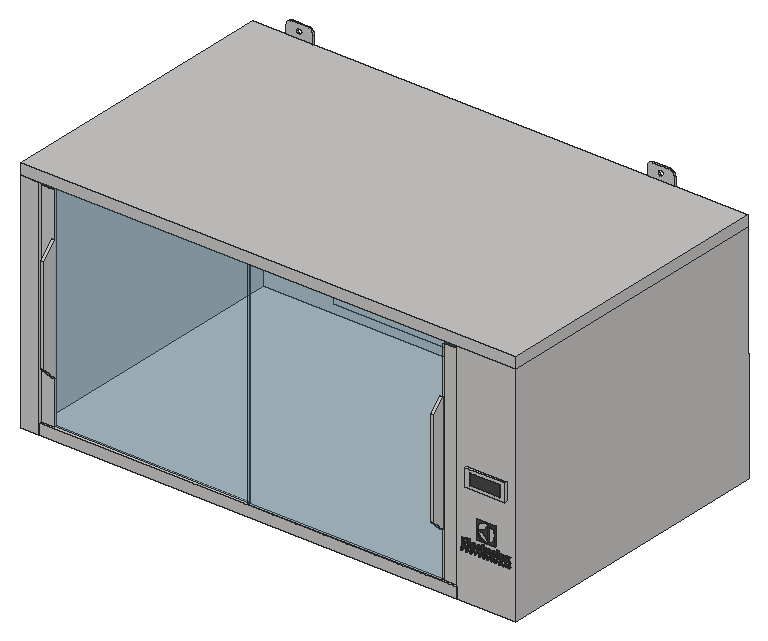
Revit family "QF_ELECTROLUXPROFESSIONAL_240425_SAFEBOXSEU", category Specialty Equipment, Revit 2018
Family settings
  Round Connector Dimension = Use Diameter
  Part Type = Normal
  Work Plane-Based = No
  Always vertical = Yes
  Cut with Voids When Loaded = No
  Shared = No
  Room Calculation Point = No
Parameters
  Weight = 36.00 kg
  Watts = 0 W
  Volts = 0 V
  URL Manufacturer = ""
  URL = ""
  Steam Supply Size = 0 mm
  Steam Supply Minimum Pressure = 0.0 Pa
  Steam Supply Maximum Pressure = 0.0 Pa
  Steam Pounds per Hour = 0
  Refrigeration Suction Line Size = 0 mm
  Refrigeration Liquid Line Size = 0 mm
  Refrigerant Compressor Remote = yes
  Manufacturer = ""
  Phase = 0
  Model = ""
  Length Actual = 920.0 mm  # constant formula
  Item Number = ""
  Hot Water Size = 0 mm
  Height Actual = 450.0 mm  # constant formula
  HP = "0.8 HP"
  Gas Size = 0 mm
  Gas KW = 0
  Gas Input Pressure = 0 W
  Direct Waste Size = 0 mm
  Description = ""
  Depth Actual = 590.0 mm  # constant formula
  Cycle = 0 Hz
  Condensate Return Size = 0 mm
  Compressed Air Volume = 0.0 L/s
  Compressed Air Size = 0 mm
  Compressed Air Pressure = 0.0 Pa
  Cold Water Size = 0 mm
  Accessory = yes
Types (2, lengths in mm): name | Volts | URL Manufacturer | URL | Manufacturer | Phase | Model | Item Number | Description | Cycle
  (no name) | 0 V | "" | "" | "" | 0 | "" | "" | "" | 0 Hz
  Standard | 220 V | "http://professional.electrolux.com" | "http://professional.electrolux.com" | "Electrolux Professional" | 1 | "SAFEBOXSEU" | "240425" | "SAFEBOX HOLD WARMING CONTAINER FOR FOOD PICK UP, TAKE AWAY AND DELIVERY" | 50 Hz
Reference planes
  plane 1 "Center (Front/Back)": y = 0
  plane 2: z = 0
  plane 3 "Center (Left/Right)": x = 0
  plane 4 "LEFT": x = -460
  plane 5 "RIGHT": x = 460
  plane 6 "BACK": y = 270
  plane 7 "FRONT": y = -270
  plane 8 "Base": z = 11
  plane 9 "TOP": z = 451
  plane 10: x = -430
  plane 11: y = 250
  plane 12: y = -220
  plane 13: x = 360
Forms (mm)
  Extrusion 1, solid, material "QF_Finishes_Stainless Steel"
    sketch origin (0, 0, 11) x (0, 1, 0) y (-1, 0, 0)
      loop
        line (270, 460) -> (-270, 460) -> (-270, 425) -> (250, 425) -> (250, -350) -> (-270, -350) -> (-270, -460) -> (270, -460) -> (270, 460)
    from 0 to 420
  Extrusion 2, solid, material "QF_Finishes_Stainless Steel"
    sketch origin (0, 0, 451) x (0, 1, 0) y (-1, 0, 0)
      loop
        line (270, 460) -> (-270, 460) -> (-270, -460) -> (270, -460) -> (270, 460)
    from 0 to -20
  Extrusion 3, void
    sketch origin (0, -270, 0) x (-1, 0, 0) y (0, 0, 1)
      loop
        line (140.985, 386.837) -> (-115, 386.837) -> (-115, 166) -> (140.985, 166) -> (140.985, 386.837)
    from 520 to 540
  Extrusion 4, solid, material "QF_Finishes_Stainless Steel"
    sketch origin (460, 0, 0) x (0, 1, 0) y (0, 0, 1)
      loop
        line (250, 386.837) -> (250, 166) -> (320, 166) -> (320, 386.837) -> (250, 386.837)
    from -600.985 to -345
  Extrusion 5, solid, material "QF_Finishes_Stainless Steel"
    sketch origin (0, 270, 0) x (-1, 0, 0) y (0, 0, 1)
      loop
        line (260.985, 386.837) -> (-235, 386.837) -> (-235, 76) -> (260.985, 76) -> (260.985, 386.837)
    from 0 to -60
  Extrusion 6, solid, material "Glass"
    sketch origin (0, -270, 0) x (-1, 0, 0) y (0, 0, 1)
      loop
        line (425, 431) -> (37.5, 431) -> (37.5, 31) -> (400, 31) -> (400, 426) -> (425, 426) -> (425, 431)
    from 4 to 8
  Extrusion 7, solid, material "Glass"
    sketch origin (385, -270, 0) x (-1, 0, 0) y (0, 0, 1)
      loop
        line (422.5, 431) -> (35, 431) -> (35, 426) -> (60, 426) -> (60, 31) -> (422.5, 31) -> (422.5, 431)
    from 0 to 4
  Extrusion 8, solid, material "QF_Finishes_Stainless Steel"
    sketch origin (0, 0, 0) x (0, 1, 0) y (0, 0, 1)
      loop
        line (-266, 112) -> (-266, 342.426) -> (-291.213, 317.213) -> (-291.213, 137.213) -> (-266, 112)
    from -400 to -405
  Extrusion 9, solid, material "QF_Finishes_Stainless Steel"
    sketch origin (0, -270, 0) x (-1, 0, 0) y (0, 0, 1)
      loop
        line (-350, 426) -> (-350, 31) -> (-325, 31) -> (-325, 426) -> (-350, 426)
      loop
        line (400, 426) -> (400, 31) -> (425, 31) -> (425, 426) -> (400, 426)
    from 4 to 8
  Extrusion 10, solid, material "QF_Finishes_Stainless Steel"
    sketch origin (0, 0, 451) x (0, 1, 0) y (-1, 0, 0)
      loop
        line (270, 425) -> (-270, 425) -> (-270, -350) -> (270, -350) -> (270, 425)
    from -420 to -440
  Extrusion 11, solid, material "QF_Finishes_Stainless Steel"
    sketch origin (0, 0, 0) x (0, 1, 0) y (0, 0, 1)
      loop
        line (-270, 116) -> (-270, 338.426) -> (-291.213, 317.213) -> (-291.213, 137.213) -> (-270, 116)
    from 325 to 320
  Extrusion 12, solid, material "QF_Finishes_Stainless Steel"
    sketch origin (0, -270, 0) x (-1, 0, 0) y (0, 0, 1)
      loop
        line (-368.864, 238.032) -> (-443.864, 238.032) -> (-443.864, 206) -> (-368.864, 206) -> (-368.864, 238.032)
      loop
        line (-378.864, 233.032) -> (-433.864, 233.032) -> (-433.864, 211) -> (-378.864, 211) -> (-378.864, 233.032)
    from 0 to -5
  Extrusion 13, solid, material "QF_Finishes_Black"
    sketch origin (0, -270, 0) x (-1, 0, 0) y (0, 0, 1)
      loop
        line (-378.864, 233.032) -> (-433.864, 233.032) -> (-433.864, 211) -> (-378.864, 211) -> (-378.864, 233.032)
    from 0 to -5
  Extrusion 14, solid, material "QF_Finishes_Stainless Steel"
    sketch origin (0, 270, 0) x (-1, 0, 0) y (0, 0, 1)
      loop
        circle (-420, 40) r 10
    from 0 to 2
  Extrusion 15, solid, material "QF_Finishes_Rubber Black"
    sketch origin (0, 0, 0) x (1, 0, 0) y (0, 1, 0)
      loop
        circle (-430, 250) r 15
      loop
        circle (360, 250) r 15
      loop
        circle (-430, -220) r 15
      loop
        circle (360, -220) r 15
    from 0 to 7
  Extrusion 16, solid, material "QF_Finishes_Stainless Steel"
    sketch origin (0, 0, 0) x (1, 0, 0) y (0, 1, 0)
      loop
        circle (-430, 250) r 12.5
      loop
        circle (360, 250) r 12.5
      loop
        circle (-430, -220) r 12.5
      loop
        circle (360, -220) r 12.5
    from 11 to 7
  Extrusion 17, solid, material "QF_Finishes_Black"
    sketch origin (0, -270, 0) x (-1, 0, 0) y (0, 0, 1)
      loop
        line (-365.303, 106.172) -> (-369.867, 106.172) -> (-369.867, 103.843) -> (-365.283, 103.843) -> (-364.31, 103.912)
        spline (-364.31, 103.912) -> (-363.72, 104.027) -> (-363.188, 104.196) -> (-362.713, 104.417) -> (-362.293, 104.688) -> (-361.928, 105.008) -> (-361.615, 105.374) -> (-361.354, 105.784) -> (-361.143, 106.237) -> (-360.981, 106.73) -> (-360.867, 107.261) -> (-360.8, 107.829) -> (-360.778, 108.432)
        line (-360.778, 108.432) -> (-360.778, 118.232) -> (-369.694, 118.232) -> (-369.694, 115.901) -> (-363.255, 115.901) -> (-363.255, 112.497) -> (-369.309, 112.497) -> (-369.309, 110.16) -> (-363.256, 110.16) -> (-363.256, 108.326)
        spline (-363.256, 108.326) -> (-363.281, 107.913) -> (-363.353, 107.553) -> (-363.465, 107.245) -> (-363.612, 106.983) -> (-363.787, 106.765) -> (-363.984, 106.587) -> (-364.198, 106.446) -> (-364.423, 106.338) -> (-364.651, 106.26) -> (-364.878, 106.209) -> (-365.097, 106.18) -> (-365.303, 106.172)
      loop
        line (-371.627, 111.433) -> (-371.627, 118.236) -> (-374.105, 118.236) -> (-374.105, 103.839) -> (-371.627, 103.839) -> (-371.627, 111.433)
      loop
        line (-386.378, 109.309) -> (-386.336, 108.438) -> (-378.204, 108.438)
        spline (-378.204, 108.438) -> (-378.248, 108.035) -> (-378.338, 107.658) -> (-378.472, 107.309) -> (-378.648, 106.99) -> (-378.864, 106.701) -> (-379.119, 106.446) -> (-379.411, 106.225) -> (-379.737, 106.04) -> (-380.097, 105.893) -> (-380.488, 105.786) -> (-380.909, 105.721) -> (-381.357, 105.699)
        spline (-381.357, 105.699) -> (-381.663, 105.707) -> (-381.951, 105.733) -> (-382.221, 105.776) -> (-382.476, 105.836) -> (-382.717, 105.912) -> (-382.947, 106.005) -> (-383.167, 106.114) -> (-383.378, 106.24) -> (-383.583, 106.382) -> (-383.784, 106.539) -> (-383.982, 106.713) -> (-384.179, 106.902)
        line (-384.179, 106.902) -> (-385.672, 105.45)
        spline (-385.672, 105.45) -> (-385.333, 105.112) -> (-384.988, 104.814) -> (-384.638, 104.554) -> (-384.283, 104.329) -> (-383.923, 104.138) -> (-383.559, 103.979) -> (-383.19, 103.85) -> (-382.816, 103.748) -> (-382.437, 103.673) -> (-382.054, 103.621) -> (-381.666, 103.592) -> (-381.274, 103.583)
        spline (-381.274, 103.583) -> (-380.471, 103.626) -> (-379.714, 103.756) -> (-379.009, 103.967) -> (-378.359, 104.258) -> (-377.77, 104.624) -> (-377.245, 105.062) -> (-376.789, 105.568) -> (-376.406, 106.141) -> (-376.1, 106.775) -> (-375.877, 107.468) -> (-375.739, 108.217) -> (-375.693, 109.018)
        spline (-375.693, 109.018) -> (-375.741, 109.838) -> (-375.882, 110.605) -> (-376.111, 111.315) -> (-376.422, 111.965) -> (-376.81, 112.55) -> (-377.268, 113.068) -> (-377.793, 113.516) -> (-378.378, 113.889) -> (-379.018, 114.186) -> (-379.707, 114.402) -> (-380.44, 114.534) -> (-381.212, 114.579)
        spline (-381.212, 114.579) -> (-381.967, 114.531) -> (-382.675, 114.391) -> (-383.332, 114.167) -> (-383.934, 113.862) -> (-384.479, 113.485) -> (-384.962, 113.041) -> (-385.38, 112.535) -> (-385.73, 111.975) -> (-386.008, 111.366) -> (-386.211, 110.715) -> (-386.336, 110.027) -> (-386.378, 109.309)
      loop
        line (-383.847, 110.18) -> (-378.266, 110.18)
        spline (-378.266, 110.18) -> (-378.316, 110.491) -> (-378.412, 110.789) -> (-378.551, 111.071) -> (-378.73, 111.334) -> (-378.945, 111.577) -> (-379.194, 111.796) -> (-379.473, 111.988) -> (-379.78, 112.152) -> (-380.11, 112.284) -> (-380.461, 112.381) -> (-380.829, 112.442) -> (-381.212, 112.462)
        spline (-381.212, 112.462) -> (-381.569, 112.441) -> (-381.911, 112.38) -> (-382.236, 112.281) -> (-382.54, 112.147) -> (-382.821, 111.982) -> (-383.074, 111.788) -> (-383.297, 111.568) -> (-383.486, 111.325) -> (-383.639, 111.062) -> (-383.752, 110.781) -> (-383.823, 110.487) -> (-383.847, 110.18)
      loop
        spline (-390.126, 109.081) -> (-390.155, 108.619) -> (-390.238, 108.182) -> (-390.372, 107.772) -> (-390.554, 107.392) -> (-390.781, 107.044) -> (-391.05, 106.734) -> (-391.356, 106.462) -> (-391.697, 106.233) -> (-392.069, 106.049) -> (-392.47, 105.914) -> (-392.895, 105.831) -> (-393.342, 105.803)
        spline (-393.342, 105.803) -> (-393.616, 105.811) -> (-393.879, 105.837) -> (-394.131, 105.879) -> (-394.372, 105.937) -> (-394.603, 106.011) -> (-394.826, 106.101) -> (-395.039, 106.206) -> (-395.245, 106.325) -> (-395.443, 106.459) -> (-395.634, 106.607) -> (-395.819, 106.769) -> (-395.998, 106.944)
        line (-395.998, 106.944) -> (-397.533, 105.346)
        spline (-397.533, 105.346) -> (-397.228, 105.04) -> (-396.913, 104.766) -> (-396.589, 104.521) -> (-396.258, 104.306) -> (-395.918, 104.12) -> (-395.57, 103.961) -> (-395.215, 103.829) -> (-394.853, 103.723) -> (-394.484, 103.642) -> (-394.109, 103.585) -> (-393.729, 103.552) -> (-393.342, 103.541)
        spline (-393.342, 103.541) -> (-392.568, 103.589) -> (-391.826, 103.729) -> (-391.124, 103.957) -> (-390.467, 104.267) -> (-389.863, 104.654) -> (-389.317, 105.113) -> (-388.838, 105.638) -> (-388.431, 106.224) -> (-388.102, 106.867) -> (-387.86, 107.561) -> (-387.709, 108.3) -> (-387.658, 109.081)
        spline (-387.658, 109.081) -> (-387.709, 109.861) -> (-387.86, 110.6) -> (-388.102, 111.294) -> (-388.431, 111.937) -> (-388.838, 112.523) -> (-389.317, 113.049) -> (-389.863, 113.507) -> (-390.467, 113.894) -> (-391.124, 114.204) -> (-391.826, 114.432) -> (-392.568, 114.572) -> (-393.342, 114.62)
        spline (-393.342, 114.62) -> (-393.729, 114.609) -> (-394.109, 114.576) -> (-394.484, 114.519) -> (-394.853, 114.438) -> (-395.215, 114.332) -> (-395.57, 114.2) -> (-395.918, 114.041) -> (-396.258, 113.855) -> (-396.589, 113.64) -> (-396.913, 113.395) -> (-397.228, 113.121) -> (-397.533, 112.815)
        line (-397.533, 112.815) -> (-395.998, 111.217)
        spline (-395.998, 111.217) -> (-395.819, 111.392) -> (-395.634, 111.554) -> (-395.443, 111.702) -> (-395.245, 111.836) -> (-395.039, 111.956) -> (-394.826, 112.06) -> (-394.603, 112.15) -> (-394.372, 112.224) -> (-394.131, 112.282) -> (-393.879, 112.324) -> (-393.616, 112.35) -> (-393.342, 112.359)
        spline (-393.342, 112.359) -> (-392.895, 112.33) -> (-392.47, 112.247) -> (-392.069, 112.112) -> (-391.697, 111.928) -> (-391.356, 111.699) -> (-391.05, 111.427) -> (-390.781, 111.117) -> (-390.554, 110.769) -> (-390.372, 110.389) -> (-390.238, 109.979) -> (-390.155, 109.542) -> (-390.126, 109.081)
      loop
        line (-403.852, 106.168) -> (-403.843, 103.839) -> (-402.797, 103.887)
        spline (-402.797, 103.887) -> (-402.209, 103.986) -> (-401.675, 104.138) -> (-401.195, 104.342) -> (-400.766, 104.596) -> (-400.389, 104.897) -> (-400.061, 105.244) -> (-399.782, 105.635) -> (-399.55, 106.068) -> (-399.365, 106.542) -> (-399.225, 107.053) -> (-399.129, 107.602) -> (-399.076, 108.185)
        line (-399.076, 108.185) -> (-399.076, 118.236) -> (-401.555, 118.236) -> (-401.555, 114.25) -> (-403.806, 114.25) -> (-403.806, 111.998) -> (-401.551, 111.998) -> (-401.551, 108.326)
        spline (-401.551, 108.326) -> (-401.603, 107.889) -> (-401.701, 107.513) -> (-401.839, 107.193) -> (-402.01, 106.924) -> (-402.209, 106.704) -> (-402.429, 106.527) -> (-402.664, 106.391) -> (-402.909, 106.29) -> (-403.156, 106.222) -> (-403.399, 106.181) -> (-403.634, 106.165) -> (-403.852, 106.168)
      loop
        line (-412.191, 114.394) -> (-412.191, 111.998) -> (-411.158, 112.101)
        spline (-411.158, 112.101) -> (-410.743, 112.079) -> (-410.355, 112.014) -> (-409.996, 111.907) -> (-409.668, 111.759) -> (-409.372, 111.573) -> (-409.111, 111.35) -> (-408.885, 111.091) -> (-408.697, 110.798) -> (-408.547, 110.472) -> (-408.438, 110.115) -> (-408.372, 109.728) -> (-408.349, 109.313)
        line (-408.349, 109.313) -> (-408.349, 103.839) -> (-405.891, 103.839) -> (-405.891, 114.249) -> (-408.349, 114.249) -> (-408.349, 112.701)
        spline (-408.349, 112.701) -> (-408.54, 112.99) -> (-408.758, 113.255) -> (-409.003, 113.497) -> (-409.272, 113.712) -> (-409.565, 113.902) -> (-409.881, 114.063) -> (-410.218, 114.196) -> (-410.576, 114.3) -> (-410.954, 114.372) -> (-411.349, 114.413) -> (-411.762, 114.421) -> (-412.191, 114.394)
      loop
        spline (-423.931, 109.044) -> (-423.879, 108.281) -> (-423.728, 107.553) -> (-423.485, 106.867) -> (-423.156, 106.229) -> (-422.748, 105.644) -> (-422.268, 105.118) -> (-421.723, 104.657) -> (-421.119, 104.266) -> (-420.463, 103.953) -> (-419.762, 103.721) -> (-419.022, 103.578) -> (-418.251, 103.529)
        spline (-418.251, 103.529) -> (-417.475, 103.578) -> (-416.733, 103.721) -> (-416.03, 103.953) -> (-415.374, 104.266) -> (-414.77, 104.657) -> (-414.225, 105.118) -> (-413.747, 105.644) -> (-413.341, 106.229) -> (-413.013, 106.867) -> (-412.772, 107.553) -> (-412.622, 108.281) -> (-412.57, 109.044)
        spline (-412.57, 109.044) -> (-412.622, 109.808) -> (-412.772, 110.536) -> (-413.013, 111.222) -> (-413.341, 111.86) -> (-413.747, 112.445) -> (-414.225, 112.971) -> (-414.77, 113.432) -> (-415.374, 113.822) -> (-416.03, 114.136) -> (-416.733, 114.367) -> (-417.475, 114.51) -> (-418.251, 114.559)
        spline (-418.251, 114.559) -> (-419.022, 114.51) -> (-419.762, 114.367) -> (-420.463, 114.136) -> (-421.119, 113.822) -> (-421.723, 113.432) -> (-422.268, 112.971) -> (-422.748, 112.445) -> (-423.156, 111.86) -> (-423.485, 111.222) -> (-423.728, 110.536) -> (-423.879, 109.808) -> (-423.931, 109.044)
      loop
        spline (-421.473, 109.044) -> (-421.444, 108.594) -> (-421.36, 108.164) -> (-421.225, 107.759) -> (-421.041, 107.381) -> (-420.813, 107.035) -> (-420.543, 106.723) -> (-420.236, 106.45) -> (-419.894, 106.218) -> (-419.521, 106.032) -> (-419.121, 105.895) -> (-418.696, 105.81) -> (-418.251, 105.78)
        spline (-418.251, 105.78) -> (-417.801, 105.81) -> (-417.374, 105.895) -> (-416.972, 106.032) -> (-416.599, 106.218) -> (-416.257, 106.45) -> (-415.951, 106.723) -> (-415.683, 107.035) -> (-415.456, 107.381) -> (-415.274, 107.759) -> (-415.14, 108.164) -> (-415.058, 108.594) -> (-415.029, 109.044)
        spline (-415.029, 109.044) -> (-415.058, 109.495) -> (-415.14, 109.924) -> (-415.274, 110.33) -> (-415.456, 110.708) -> (-415.683, 111.054) -> (-415.951, 111.366) -> (-416.257, 111.639) -> (-416.599, 111.87) -> (-416.972, 112.056) -> (-417.374, 112.194) -> (-417.801, 112.279) -> (-418.251, 112.308)
        spline (-418.251, 112.308) -> (-418.696, 112.279) -> (-419.121, 112.194) -> (-419.521, 112.056) -> (-419.894, 111.87) -> (-420.236, 111.639) -> (-420.543, 111.366) -> (-420.813, 111.054) -> (-421.041, 110.708) -> (-421.225, 110.33) -> (-421.36, 109.924) -> (-421.444, 109.495) -> (-421.473, 109.044)
      loop
        line (-425.455, 111.681) -> (-425.455, 118.236) -> (-427.935, 118.236) -> (-427.935, 103.839) -> (-425.455, 103.839) -> (-425.455, 111.681)
      loop
        line (-436.874, 114.249) -> (-439.372, 114.249) -> (-439.372, 108.032)
        spline (-439.372, 108.032) -> (-439.327, 107.311) -> (-439.198, 106.654) -> (-438.989, 106.062) -> (-438.708, 105.535) -> (-438.361, 105.071) -> (-437.952, 104.67) -> (-437.49, 104.332) -> (-436.98, 104.057) -> (-436.428, 103.843) -> (-435.84, 103.691) -> (-435.222, 103.601) -> (-434.581, 103.57)
        spline (-434.581, 103.57) -> (-433.945, 103.6) -> (-433.332, 103.69) -> (-432.749, 103.839) -> (-432.202, 104.05) -> (-431.696, 104.322) -> (-431.237, 104.655) -> (-430.833, 105.05) -> (-430.488, 105.507) -> (-430.209, 106.028) -> (-430.003, 106.611) -> (-429.874, 107.259) -> (-429.83, 107.97)
        line (-429.83, 107.97) -> (-429.83, 114.249) -> (-432.33, 114.249) -> (-432.33, 108.176)
        spline (-432.33, 108.176) -> (-432.349, 107.788) -> (-432.407, 107.437) -> (-432.502, 107.124) -> (-432.629, 106.847) -> (-432.789, 106.605) -> (-432.977, 106.398) -> (-433.193, 106.225) -> (-433.434, 106.085) -> (-433.697, 105.978) -> (-433.981, 105.902) -> (-434.283, 105.857) -> (-434.601, 105.843)
        spline (-434.601, 105.843) -> (-434.919, 105.857) -> (-435.222, 105.902) -> (-435.506, 105.978) -> (-435.769, 106.086) -> (-436.01, 106.227) -> (-436.226, 106.401) -> (-436.414, 106.609) -> (-436.574, 106.853) -> (-436.702, 107.133) -> (-436.796, 107.45) -> (-436.854, 107.804) -> (-436.874, 108.198)
        line (-436.874, 108.198) -> (-436.874, 114.249)
      loop
        line (-448.75, 107.168) -> (-451.132, 103.839) -> (-448.467, 103.839) -> (-445.823, 107.516) -> (-443.179, 103.839) -> (-440.515, 103.839) -> (-442.307, 106.335) -> (-444.46, 109.334) -> (-442.406, 112.143) -> (-440.866, 114.249) -> (-443.551, 114.249) -> (-445.823, 111.13) -> (-448.075, 114.249) -> (-450.781, 114.249) -> (-449.123, 111.991) -> (-447.187, 109.354) -> (-448.75, 107.168)
      loop
        arc (-362.172, 101.574) -> (-363.817, 99.929) -> (-362.172, 98.284) r 1.645
        line (-362.172, 98.284) -> (-361.277, 98.284) -> (-361.277, 96.598) -> (-360.254, 96.598) -> (-360.254, 101.574) -> (-362.172, 101.574)
      loop
        arc (-362.13, 100.634) -> (-362.835, 99.929) -> (-362.13, 99.225) r 0.704
        line (-362.13, 99.225) -> (-361.277, 99.225) -> (-361.277, 100.634) -> (-362.13, 100.634)
      loop
        arc (-369.98, 101.574) -> (-371.128, 101.107) -> (-371.622, 99.97) r 1.643
        arc (-371.622, 99.97) -> (-371.405, 99.145) -> (-370.78, 98.564) r 1.536
        line (-370.78, 98.564) -> (-371.975, 96.598) -> (-370.813, 96.598) -> (-369.832, 98.23) -> (-369.051, 98.312) -> (-369.051, 96.598) -> (-368.028, 96.598) -> (-368.028, 101.574) -> (-369.98, 101.574)
      loop
        line (-369.891, 99.245) -> (-369.051, 99.245) -> (-369.051, 100.634) -> (-369.959, 100.634)
        arc (-369.959, 100.634) -> (-370.586, 99.907) -> (-369.891, 99.245) r 0.696
      loop
        circle (-378.328, 99.086) r 2.585
      loop
        circle (-378.328, 99.086) r 1.64
      loop
        line (-385.193, 101.574) -> (-388.269, 101.574) -> (-388.269, 100.634) -> (-386.217, 100.634) -> (-386.217, 99.584) -> (-388.089, 99.584) -> (-388.089, 98.644) -> (-386.217, 98.644) -> (-386.217, 96.598) -> (-385.193, 96.598) -> (-385.193, 101.574)
      loop
        line (-392.491, 101.574) -> (-395.642, 101.574) -> (-395.642, 100.634) -> (-393.514, 100.634) -> (-393.514, 99.769) -> (-395.504, 99.769) -> (-395.504, 98.987) -> (-393.514, 98.987) -> (-393.514, 98.16)
        arc (-393.514, 98.16) -> (-393.741, 97.612) -> (-394.289, 97.385) r 0.775
        line (-394.289, 97.385) -> (-395.691, 97.385) -> (-395.691, 96.598) -> (-394.083, 96.598)
        arc (-394.083, 96.598) -> (-392.95, 97.072) -> (-392.491, 98.212) r 1.593
        line (-392.491, 98.212) -> (-392.491, 101.574)
      loop
        arc (-402.384, 100.269) -> (-401.963, 100.602) -> (-401.439, 100.718) r 1.197
        arc (-401.439, 100.718) -> (-400.968, 100.342) -> (-401.294, 99.834) r 0.45
        arc (-401.294, 99.834) -> (-401.859, 99.623) -> (-402.409, 99.377) r 9.883
        arc (-402.409, 99.377) -> (-402.845, 99.093) -> (-403.185, 98.7) r 1.876
        arc (-403.185, 98.7) -> (-403.343, 97.847) -> (-403.037, 97.035) r 1.618
        arc (-403.037, 97.035) -> (-402.346, 96.668) -> (-401.579, 96.515) r 2.696
        arc (-401.579, 96.515) -> (-400.959, 96.578) -> (-400.385, 96.823) r 2.063
        arc (-400.385, 96.823) -> (-399.932, 97.214) -> (-399.622, 97.725) r 1.914
        line (-399.622, 97.725) -> (-400.404, 98.216)
        arc (-400.404, 98.216) -> (-400.668, 97.808) -> (-401.089, 97.567) r 1.033
        arc (-401.089, 97.567) -> (-401.662, 97.452) -> (-402.203, 97.672) r 1.016
        arc (-402.203, 97.672) -> (-402.359, 98.025) -> (-402.162, 98.356) r 0.42
        arc (-402.162, 98.356) -> (-401.656, 98.632) -> (-401.122, 98.849) r 5.041
        arc (-401.122, 98.849) -> (-400.544, 99.153) -> (-400.1, 99.632) r 1.928
        arc (-400.1, 99.632) -> (-399.987, 100.071) -> (-399.976, 100.524) r 1.985
        arc (-399.976, 100.524) -> (-400.091, 100.911) -> (-400.349, 101.222) r 1.013
        arc (-400.349, 101.222) -> (-400.896, 101.533) -> (-401.512, 101.657) r 1.974
        arc (-401.512, 101.657) -> (-402.438, 101.438) -> (-403.12, 100.774) r 1.782
        line (-403.12, 100.774) -> (-402.384, 100.269)
      loop
        arc (-409.903, 100.269) -> (-409.482, 100.602) -> (-408.958, 100.718) r 1.197
        arc (-408.958, 100.718) -> (-408.486, 100.342) -> (-408.812, 99.834) r 0.45
        arc (-408.812, 99.834) -> (-409.377, 99.623) -> (-409.928, 99.377) r 9.883
        arc (-409.928, 99.377) -> (-410.363, 99.093) -> (-410.703, 98.7) r 1.876
        arc (-410.703, 98.7) -> (-410.861, 97.847) -> (-410.556, 97.035) r 1.618
        arc (-410.556, 97.035) -> (-409.865, 96.668) -> (-409.097, 96.515) r 2.696
        arc (-409.097, 96.515) -> (-408.477, 96.578) -> (-407.903, 96.823) r 2.063
        arc (-407.903, 96.823) -> (-407.451, 97.214) -> (-407.141, 97.725) r 1.914
        line (-407.141, 97.725) -> (-407.922, 98.216)
        arc (-407.922, 98.216) -> (-408.186, 97.808) -> (-408.607, 97.567) r 1.033
        arc (-408.607, 97.567) -> (-409.18, 97.452) -> (-409.721, 97.672) r 1.016
        arc (-409.721, 97.672) -> (-409.877, 98.025) -> (-409.68, 98.356) r 0.42
        arc (-409.68, 98.356) -> (-409.174, 98.632) -> (-408.64, 98.849) r 5.041
        arc (-408.64, 98.849) -> (-408.062, 99.153) -> (-407.619, 99.632) r 1.928
        arc (-407.619, 99.632) -> (-407.505, 100.071) -> (-407.494, 100.524) r 1.985
        arc (-407.494, 100.524) -> (-407.61, 100.911) -> (-407.868, 101.222) r 1.013
        arc (-407.868, 101.222) -> (-408.414, 101.533) -> (-409.03, 101.657) r 1.974
        arc (-409.03, 101.657) -> (-409.956, 101.438) -> (-410.638, 100.774) r 1.782
        line (-410.638, 100.774) -> (-409.903, 100.269)
      loop
        line (-415.094, 101.574) -> (-416.118, 101.574) -> (-416.118, 96.598) -> (-415.094, 96.598) -> (-415.094, 101.574)
      loop
        circle (-423.017, 99.086) r 1.548
      loop
        circle (-423.017, 99.086) r 2.585
      loop
        line (-429.882, 96.598) -> (-429.882, 101.574) -> (-430.878, 101.574) -> (-433.154, 98.351) -> (-433.154, 101.574) -> (-434.188, 101.574) -> (-434.188, 96.598) -> (-433.193, 96.598) -> (-430.916, 99.727) -> (-430.916, 96.598) -> (-429.882, 96.598)
      loop
        line (-439.347, 96.598) -> (-438.249, 96.598) -> (-440.753, 101.574) -> (-443.258, 96.598) -> (-442.158, 96.598) -> (-441.673, 97.671) -> (-439.832, 97.671) -> (-439.347, 96.598)
      loop
        line (-440.753, 99.714) -> (-441.214, 98.692) -> (-440.291, 98.692) -> (-440.753, 99.714)
      loop
        line (-448.34, 97.539) -> (-450.254, 97.539) -> (-450.254, 96.598) -> (-447.317, 96.598) -> (-447.317, 101.574) -> (-448.34, 101.574) -> (-448.34, 97.539)
      loop
        line (-388.337, 123.178) -> (-388.337, 157.751) -> (-422.957, 157.751) -> (-422.957, 123.178) -> (-388.337, 123.178)
      loop
        arc (-410.269, 156.054) -> (-421.768, 140.5) -> (-410.269, 124.946) r 16.269
        line (-410.269, 124.946) -> (-410.269, 156.054)
      loop
        arc (-408.687, 153.801) -> (-403.858, 145.134) -> (-394.664, 141.402) r 14.944
        line (-394.664, 141.402) -> (-389.517, 141.402)
        arc (-389.517, 141.402) -> (-395.75, 153.113) -> (-408.687, 156.054) r 15.943
        line (-408.687, 156.054) -> (-408.687, 153.801)
      loop
        line (-389.517, 139.598) -> (-394.664, 139.598)
        arc (-394.664, 139.598) -> (-403.858, 135.866) -> (-408.687, 127.199) r 14.944
        line (-408.687, 127.199) -> (-408.687, 124.547)
        arc (-408.687, 124.547) -> (-395.74, 127.79) -> (-389.517, 139.598) r 16.36
    from 0 to -1.6
  Extrusion 18, solid, material "QF_Finishes_Stainless Steel"
    sketch origin (0, 270, 0) x (-1, 0, 0) y (0, 0, 1)
      loop
        line (398.117, 431) -> (398.117, 466)
        arc (398.117, 466) -> (395.188, 473.071) -> (388.117, 476) r 10
        line (388.117, 476) -> (358.117, 476)
        arc (358.117, 476) -> (351.046, 473.071) -> (348.117, 466) r 10
        line (348.117, 466) -> (348.117, 431) -> (398.117, 431)
      loop
        circle (373.117, 463.03) r 5
      loop
        line (-323.117, 431) -> (-273.117, 431) -> (-273.117, 466)
        arc (-273.117, 466) -> (-276.046, 473.071) -> (-283.117, 476) r 10
        line (-283.117, 476) -> (-313.117, 476)
        arc (-313.117, 476) -> (-320.188, 473.071) -> (-323.117, 466) r 10
        line (-323.117, 466) -> (-323.117, 431)
      loop
        circle (-298.117, 463.03) r 5
    from 1.641 to 0
  Extrusion 19, solid, material "QF_Door-Drawer Clearances", detail levels coarse
    sketch origin (0, 0, 0) x (0, 1, 0) y (0, 0, 1)
      loop
        line (-266, 112) -> (-266, 342.426) -> (-291.213, 317.213) -> (-291.213, 137.213) -> (-266, 112)
    from -63 to -68
  Extrusion 20, solid, material "QF_Door-Drawer Clearances", detail levels coarse
    sketch origin (337, -270, 0) x (-1, 0, 0) y (0, 0, 1)
      loop
        line (400, 426) -> (400, 31) -> (425, 31) -> (425, 426) -> (400, 426)
    from 4 to 8
Cuts and joins
  Extrusion 3 cuts Extrusion 1
  joined: Extrusion 8, Extrusion 9, Extrusion 11
Lines and regions (mm)
  symbolic lines
    curve 1: line (-460, 270, 0) -> (460, 270, 0)
    curve 2: line (-460, -270, 0) -> (-460, 270, 0)
    curve 3: line (460, -270, 0) -> (-460, -270, 0)
    curve 4: line (460, 270, 0) -> (460, -270, 0)
    curve 5: line (115, 320, 0) -> (-140.985, 320, 0)
    curve 6: line (-140.985, 320, 0) -> (-140.985, 270, 0)
    curve 7: line (115, 270, 0) -> (115, 320, 0)
    curve 8: line (-405, -270, 0) -> (-405, -291.213, 0)
    curve 9: line (-405, -291.213, 0) -> (-400, -291.213, 0)
    curve 10: line (-400, -291.213, 0) -> (-400, -270, 0)
    curve 11: line (320, -270, 0) -> (320, -291.213, 0)
    curve 12: line (320, -291.213, 0) -> (325, -291.213, 0)
    curve 13: line (325, -291.213, 0) -> (325, -270, 0)
    curve 17: line (368.864, -275, 0) -> (368.864, -270, 0)
    curve 18: line (368.864, -275, 0) -> (443.864, -275, 0)
    curve 19: line (443.864, -275, 0) -> (443.864, -270, 0)
    curve 20: line (-398.117, 270, 0) -> (-398.117, 271.641, 0)
    curve 21: line (-398.117, 271.641, 0) -> (-348.117, 271.641, 0)
    curve 22: line (-348.117, 271.641, 0) -> (-348.117, 270, 0)
    curve 23: line (273.117, 270, 0) -> (273.117, 271.641, 0)
    curve 24: line (273.117, 271.641, 0) -> (323.117, 271.641, 0)
    curve 25: line (323.117, 271.641, 0) -> (323.117, 270, 0)
    curve 26: line (410, 272, 0) -> (430, 272, 0)
    curve 27: line (430, 272, 0) -> (430, 270, 0)
    curve 28: line (410, 272, 0) -> (410, 270, 0)
  symbolic lines, style "SpecialityEquipmentHiddenLines"
    curve 14: line (-68, -270, 0) -> (-68, -291.213, 0)
    curve 15: line (-68, -291.213, 0) -> (-63, -291.213, 0)
    curve 16: line (-63, -291.213, 0) -> (-63, -270, 0)
Dimensions and locks
  plane 4 "LEFT" to plane 5 "RIGHT" = 920.0 mm
  equal spacing: plane 4 "LEFT", plane 3 "Center (Left/Right)", plane 5 "RIGHT"
  equal spacing: plane 6 "BACK", plane 1 "Center (Front/Back)", plane 7 "FRONT"
  plane 6 "BACK" to plane 7 "FRONT" = 540.0 mm  (x2)
  plane 8 "Base" to level = 11.0 mm
  plane 9 "TOP" to level = 451.0 mm
  plane 9 "TOP" to cut or joined group of Extrusion 1, Extrusion 3 = 64.163 mm
  level to cut or joined group of Extrusion 1, Extrusion 3 = 166.0 mm
  plane 4 "LEFT" to plane 10 = 30.0 mm
  plane 13 to plane 5 "RIGHT" = 100.0 mm
  plane 6 "BACK" to plane 11 = 20.0 mm
  plane 12 to plane 7 "FRONT" = 50.0 mm
  Extrusion 4 to Extrusion 2 = 590.0 mm
  aligned and locked: level to plane 2
Automatic sketch dimensions
  Extrusion 1 sketch curve to plane 4 "LEFT" = 0.0 mm
  Extrusion 1 sketch curve to plane 7 "FRONT" = 0.0 mm  (x2)
  Extrusion 1 sketch curve to plane 5 "RIGHT" = 0.0 mm
  Extrusion 1 sketch curve to plane 11 = 0.0 mm
  Extrusion 1 sketch curve to plane 6 "BACK" = 0.0 mm
  Extrusion 1 sketch curve to plane 13 = 10.0 mm
  plane 10 to Extrusion 1 sketch curve = 5.0 mm
  Extrusion 2 sketch curve to plane 4 "LEFT" = 0.0 mm
  Extrusion 2 sketch curve to plane 7 "FRONT" = 0.0 mm
  Extrusion 2 sketch curve to plane 6 "BACK" = 0.0 mm
  Extrusion 2 sketch curve to plane 5 "RIGHT" = 0.0 mm
  plane 3 "Center (Left/Right)" to Extrusion 3 sketch curve = 115.0 mm
  Extrusion 3 sketch curve to plane 3 "Center (Left/Right)" = 140.985 mm
  plane 8 "Base" to Extrusion 3 sketch curve = 155.0 mm
  Extrusion 3 sketch curve to plane 9 "TOP" = 64.163 mm
  Extrusion 4 sketch curve to plane 11 = 0.0 mm
  plane 6 "BACK" to Extrusion 4 sketch curve = 50.0 mm
  plane 8 "Base" to Extrusion 4 sketch curve = 155.0 mm
  Extrusion 4 sketch curve to plane 9 "TOP" = 64.163 mm
  Extrusion 5 sketch curve to plane 13 = 125.0 mm
  Extrusion 5 sketch curve to plane 9 "TOP" = 64.163 mm
  plane 10 to Extrusion 5 sketch curve = 169.015 mm
  plane 8 "Base" to Extrusion 5 sketch curve = 65.0 mm
  Extrusion 6 sketch curve to plane 3 "Center (Left/Right)" = 37.5 mm
  plane 10 to Extrusion 6 sketch curve = 30.0 mm
  plane 10 to Extrusion 6 sketch curve = 5.0 mm
  plane 8 "Base" to Extrusion 6 sketch curve = 20.0 mm
  Extrusion 6 sketch curve to plane 9 "TOP" = 25.0 mm
  Extrusion 6 sketch curve to plane 9 "TOP" = 20.0 mm
  Extrusion 7 sketch curve to plane 13 = 10.0 mm
  Extrusion 7 sketch curve to plane 13 = 35.0 mm
  Extrusion 7 sketch curve to plane 3 "Center (Left/Right)" = 37.5 mm
  plane 8 "Base" to Extrusion 7 sketch curve = 20.0 mm
  Extrusion 7 sketch curve to plane 9 "TOP" = 25.0 mm
  Extrusion 7 sketch curve to Extrusion 7 sketch curve = 5.0 mm
  Extrusion 8 sketch curve to plane 7 "FRONT" = 21.213 mm
  plane 7 "FRONT" to Extrusion 8 sketch curve = 4.0 mm
  plane 8 "Base" to Extrusion 8 sketch curve = 101.0 mm
  Extrusion 8 sketch curve to Extrusion 8 sketch curve = 25.213 mm  (x2)
  Extrusion 8 sketch curve to plane 9 "TOP" = 133.787 mm
  Extrusion 9 sketch curve to plane 13 = 10.0 mm
  Extrusion 9 sketch curve to Extrusion 9 sketch curve = 25.0 mm
  plane 10 to Extrusion 9 sketch curve = 30.0 mm
  plane 10 to Extrusion 9 sketch curve = 5.0 mm
  plane 8 "Base" to Extrusion 9 sketch curve = 20.0 mm  (x2)
  Extrusion 9 sketch curve to plane 9 "TOP" = 25.0 mm  (x2)
  Extrusion 10 sketch curve to plane 7 "FRONT" = 0.0 mm
  Extrusion 10 sketch curve to plane 6 "BACK" = 0.0 mm
  Extrusion 10 sketch curve to plane 13 = 10.0 mm
  plane 10 to Extrusion 10 sketch curve = 5.0 mm
  Extrusion 11 sketch curve to plane 7 "FRONT" = 0.0 mm
  Extrusion 11 sketch curve to plane 7 "FRONT" = 21.213 mm
  plane 8 "Base" to Extrusion 11 sketch curve = 105.0 mm
  Extrusion 11 sketch curve to Extrusion 11 sketch curve = 21.213 mm  (x2)
  Extrusion 11 sketch curve to plane 9 "TOP" = 133.787 mm
  Extrusion 12 sketch curve to plane 5 "RIGHT" = 16.136 mm
  Extrusion 12 sketch curve to Extrusion 12 sketch curve = 10.0 mm
  plane 13 to Extrusion 12 sketch curve = 18.864 mm
  plane 13 to Extrusion 12 sketch curve = 8.864 mm
  plane 8 "Base" to Extrusion 12 sketch curve = 195.0 mm
  Extrusion 12 sketch curve to Extrusion 12 sketch curve = 5.0 mm  (x2)
  Extrusion 12 sketch curve to Extrusion 12 sketch curve = 22.032 mm
  Extrusion 13 sketch curve to plane 5 "RIGHT" = 26.136 mm
  plane 13 to Extrusion 13 sketch curve = 18.864 mm
  plane 8 "Base" to Extrusion 13 sketch curve = 200.0 mm
  Extrusion 13 sketch curve to Extrusion 13 sketch curve = 22.032 mm
  Extrusion 14 sketch curve to plane 5 "RIGHT" = 40.0 mm
  plane 8 "Base" to Extrusion 14 sketch curve = 29.0 mm
  Extrusion 15 sketch curve to plane 10 = 0.0 mm  (x2)
  Extrusion 15 sketch curve to plane 12 = 0.0 mm  (x2)
  Extrusion 15 sketch curve to plane 13 = 0.0 mm  (x2)
  Extrusion 15 sketch curve to plane 11 = 0.0 mm  (x2)
  Extrusion 16 sketch curve to plane 10 = 0.0 mm  (x2)
  Extrusion 16 sketch curve to plane 12 = 0.0 mm  (x2)
  Extrusion 16 sketch curve to plane 13 = 0.0 mm  (x2)
  Extrusion 16 sketch curve to plane 11 = 0.0 mm  (x2)
  Extrusion 17 sketch curve to Extrusion 17 sketch curve = 0.0 mm  (x37)
  Extrusion 17 sketch curve to plane 5 "RIGHT" = 8.868 mm
  Extrusion 17 sketch curve to plane 5 "RIGHT" = 9.219 mm
  Extrusion 17 sketch curve to Extrusion 17 sketch curve = 0.877 mm
  Extrusion 17 sketch curve to Extrusion 17 sketch curve = 1.658 mm
  Extrusion 17 sketch curve to Extrusion 17 sketch curve = 2.381 mm
  Extrusion 17 sketch curve to Extrusion 17 sketch curve = 2.664 mm
  Extrusion 17 sketch curve to Extrusion 17 sketch curve = 1.914 mm
  Extrusion 17 sketch curve to Extrusion 17 sketch curve = 1.048 mm
  Extrusion 17 sketch curve to Extrusion 17 sketch curve = 1.023 mm  (x5)
  Extrusion 17 sketch curve to Extrusion 17 sketch curve = 1.563 mm
  Extrusion 17 sketch curve to Extrusion 17 sketch curve = 1.364 mm  (x2)
  Extrusion 17 sketch curve to Extrusion 17 sketch curve = 1.363 mm
  Extrusion 17 sketch curve to Extrusion 17 sketch curve = 2.272 mm  (x3)
  Extrusion 17 sketch curve to Extrusion 17 sketch curve = 4.059 mm
  Extrusion 17 sketch curve to Extrusion 17 sketch curve = 2.643 mm
  Extrusion 17 sketch curve to Extrusion 17 sketch curve = 1.145 mm
  Extrusion 17 sketch curve to Extrusion 17 sketch curve = 0.872 mm
  Extrusion 17 sketch curve to Extrusion 17 sketch curve = 1.1 mm
  Extrusion 17 sketch curve to Extrusion 17 sketch curve = 0.485 mm  (x2)
  Extrusion 17 sketch curve to Extrusion 17 sketch curve = 0.459 mm  (x4)
  Extrusion 17 sketch curve to Extrusion 17 sketch curve = 1.54 mm
  Extrusion 17 sketch curve to Extrusion 17 sketch curve = 0.461 mm
  Extrusion 17 sketch curve to Extrusion 17 sketch curve = 0.238 mm
  Extrusion 17 sketch curve to Extrusion 17 sketch curve = 0.922 mm
  Extrusion 17 sketch curve to Extrusion 17 sketch curve = 2.935 mm
  Extrusion 17 sketch curve to Extrusion 17 sketch curve = 1.099 mm
  Extrusion 17 sketch curve to Extrusion 17 sketch curve = 2.498 mm  (x2)
  Extrusion 17 sketch curve to Extrusion 17 sketch curve = 2.273 mm
  Extrusion 17 sketch curve to Extrusion 17 sketch curve = 0.02 mm
  Extrusion 17 sketch curve to Extrusion 17 sketch curve = 4.061 mm
  Extrusion 17 sketch curve to Extrusion 17 sketch curve = 0.995 mm  (x2)
  Extrusion 17 sketch curve to Extrusion 17 sketch curve = 0.039 mm  (x2)
  Extrusion 17 sketch curve to Extrusion 17 sketch curve = 2.277 mm
  Extrusion 17 sketch curve to Extrusion 17 sketch curve = 2.499 mm
  Extrusion 17 sketch curve to Extrusion 17 sketch curve = 1.948 mm
  Extrusion 17 sketch curve to Extrusion 17 sketch curve = 4.375 mm
  Extrusion 17 sketch curve to Extrusion 17 sketch curve = 1.524 mm
  Extrusion 17 sketch curve to Extrusion 17 sketch curve = 2.438 mm
  Extrusion 17 sketch curve to Extrusion 17 sketch curve = 2.458 mm  (x2)
  Extrusion 17 sketch curve to Extrusion 17 sketch curve = 3.221 mm  (x2)
  Extrusion 17 sketch curve to Extrusion 17 sketch curve = 2.133 mm
  Extrusion 17 sketch curve to Extrusion 17 sketch curve = 3.222 mm
  Extrusion 17 sketch curve to Extrusion 17 sketch curve = 2.459 mm
  Extrusion 17 sketch curve to Extrusion 17 sketch curve = 0.379 mm
  Extrusion 17 sketch curve to Extrusion 17 sketch curve = 1.033 mm
  Extrusion 17 sketch curve to Extrusion 17 sketch curve = 4.456 mm
  Extrusion 17 sketch curve to Extrusion 17 sketch curve = 12.687 mm
  Extrusion 17 sketch curve to Extrusion 17 sketch curve = 0.735 mm  (x2)
  Extrusion 17 sketch curve to Extrusion 17 sketch curve = 0.432 mm  (x2)
  Extrusion 17 sketch curve to Extrusion 17 sketch curve = 0.445 mm  (x2)
  Extrusion 17 sketch curve to Extrusion 17 sketch curve = 0.209 mm  (x2)
  Extrusion 17 sketch curve to Extrusion 17 sketch curve = 0.236 mm  (x2)
  Extrusion 17 sketch curve to Extrusion 17 sketch curve = 0.12 mm  (x2)
  Extrusion 17 sketch curve to Extrusion 17 sketch curve = 0.365 mm  (x2)
  Extrusion 17 sketch curve to Extrusion 17 sketch curve = 0.007 mm  (x2)
  Extrusion 17 sketch curve to Extrusion 17 sketch curve = 0.164 mm  (x4)
  Extrusion 17 sketch curve to Extrusion 17 sketch curve = 0.093 mm  (x2)
  Extrusion 17 sketch curve to Extrusion 17 sketch curve = 0.137 mm  (x2)
  Extrusion 17 sketch curve to Extrusion 17 sketch curve = 0.009 mm  (x5)
  Extrusion 17 sketch curve to Extrusion 17 sketch curve = 0.168 mm  (x2)
  Extrusion 17 sketch curve to Extrusion 17 sketch curve = 0.079 mm  (x2)
  Extrusion 17 sketch curve to Extrusion 17 sketch curve = 0.094 mm  (x2)
  Extrusion 17 sketch curve to Extrusion 17 sketch curve = 1.582 mm  (x2)
  Extrusion 17 sketch curve to Extrusion 17 sketch curve = 0.427 mm  (x2)
  Extrusion 17 sketch curve to Extrusion 17 sketch curve = 2.809 mm  (x2)
  Extrusion 17 sketch curve to Extrusion 17 sketch curve = 0.886 mm
  Extrusion 17 sketch curve to Extrusion 17 sketch curve = 0.99 mm  (x2)
  Extrusion 17 sketch curve to Extrusion 17 sketch curve = 0.782 mm  (x3)
  Extrusion 17 sketch curve to Extrusion 17 sketch curve = 0.126 mm  (x2)
  Extrusion 17 sketch curve to Extrusion 17 sketch curve = 2.844 mm
  Extrusion 17 sketch curve to Extrusion 17 sketch curve = 1.389 mm  (x2)
  Extrusion 17 sketch curve to Extrusion 17 sketch curve = 0.343 mm
  Extrusion 17 sketch curve to Extrusion 17 sketch curve = 0.068 mm
  Extrusion 17 sketch curve to Extrusion 17 sketch curve = 2.039 mm
  Extrusion 17 sketch curve to Extrusion 17 sketch curve = 2.048 mm
  Extrusion 17 sketch curve to Extrusion 17 sketch curve = 2.085 mm
  Extrusion 17 sketch curve to Extrusion 17 sketch curve = 0.724 mm
  Extrusion 17 sketch curve to Extrusion 17 sketch curve = 1.046 mm
  Extrusion 17 sketch curve to Extrusion 17 sketch curve = 2.251 mm  (x3)
  Extrusion 17 sketch curve to Extrusion 17 sketch curve = 0.003 mm
  Extrusion 17 sketch curve to Extrusion 17 sketch curve = 2.479 mm
  Extrusion 17 sketch curve to Extrusion 17 sketch curve = 1.543 mm
  Extrusion 17 sketch curve to Extrusion 17 sketch curve = 4.018 mm
  Extrusion 17 sketch curve to Extrusion 17 sketch curve = 1.535 mm  (x2)
  Extrusion 17 sketch curve to Extrusion 17 sketch curve = 3.932 mm
  Extrusion 17 sketch curve to Extrusion 17 sketch curve = 0.048 mm
  Extrusion 17 sketch curve to Extrusion 17 sketch curve = 0.138 mm
  Extrusion 17 sketch curve to Extrusion 17 sketch curve = 10.768 mm
  Extrusion 17 sketch curve to Extrusion 17 sketch curve = 1.215 mm
  Extrusion 17 sketch curve to Extrusion 17 sketch curve = 0.206 mm  (x2)
  Extrusion 17 sketch curve to Extrusion 17 sketch curve = 5.117 mm
  Extrusion 17 sketch curve to Extrusion 17 sketch curve = 14.728 mm
  Extrusion 17 sketch curve to Extrusion 17 sketch curve = 0.569 mm
  Extrusion 17 sketch curve to Extrusion 17 sketch curve = 2.656 mm
  Extrusion 17 sketch curve to Extrusion 17 sketch curve = 0.172 mm
  Extrusion 17 sketch curve to Extrusion 17 sketch curve = 3.216 mm
  Extrusion 17 sketch curve to Extrusion 17 sketch curve = 5.147 mm
  Extrusion 17 sketch curve to Extrusion 17 sketch curve = 5.622 mm
  Extrusion 17 sketch curve to Extrusion 17 sketch curve = 4.222 mm
  Extrusion 17 sketch curve to Extrusion 17 sketch curve = 0.18 mm
  Extrusion 17 sketch curve to Extrusion 17 sketch curve = 2.469 mm
  Extrusion 17 sketch curve to Extrusion 17 sketch curve = 1.28 mm
  Extrusion 17 sketch curve to Extrusion 17 sketch curve = 0.041 mm  (x2)
  Extrusion 17 sketch curve to Extrusion 17 sketch curve = 1.873 mm
  Extrusion 17 sketch curve to Extrusion 17 sketch curve = 0.664 mm
  Extrusion 17 sketch curve to Extrusion 17 sketch curve = 1.494 mm
  Extrusion 17 sketch curve to Extrusion 17 sketch curve = 2.531 mm
  Extrusion 17 sketch curve to Extrusion 17 sketch curve = 2.822 mm
  Extrusion 17 sketch curve to Extrusion 17 sketch curve = 0.083 mm
  Extrusion 17 sketch curve to Extrusion 17 sketch curve = 2.635 mm
  Extrusion 17 sketch curve to Extrusion 17 sketch curve = 2.946 mm  (x2)
  Extrusion 17 sketch curve to Extrusion 17 sketch curve = 0.062 mm
  Extrusion 17 sketch curve to Extrusion 17 sketch curve = 2.511 mm
  Extrusion 17 sketch curve to Extrusion 17 sketch curve = 7.106 mm
  Extrusion 17 sketch curve to Extrusion 17 sketch curve = 6.354 mm
  Extrusion 17 sketch curve to Extrusion 17 sketch curve = 2.478 mm
  Extrusion 17 sketch curve to Extrusion 17 sketch curve = 1.161 mm
  Extrusion 17 sketch curve to Extrusion 17 sketch curve = 0.033 mm
  Extrusion 17 sketch curve to Extrusion 17 sketch curve = 0.694 mm
  Extrusion 17 sketch curve to Extrusion 17 sketch curve = 0.106 mm  (x2)
  Extrusion 17 sketch curve to Extrusion 17 sketch curve = 0.021 mm  (x2)
  Extrusion 17 sketch curve to Extrusion 17 sketch curve = 0.09 mm
  Extrusion 17 sketch curve to Extrusion 17 sketch curve = 1.76 mm
  Extrusion 17 sketch curve to Extrusion 17 sketch curve = 0.948 mm
  Extrusion 17 sketch curve to Extrusion 17 sketch curve = 1.933 mm
  Extrusion 17 sketch curve to Extrusion 17 sketch curve = 2.318 mm
  Extrusion 17 sketch curve to Extrusion 17 sketch curve = 1.762 mm
  Extrusion 17 sketch curve to Extrusion 17 sketch curve = 0.908 mm
  Extrusion 17 sketch curve to Extrusion 17 sketch curve = 4.563 mm
  Extrusion 17 sketch curve to Extrusion 17 sketch curve = 0.973 mm
  plane 13 to Extrusion 17 sketch curve = 3.256 mm
  plane 13 to Extrusion 17 sketch curve = 3.255 mm
  plane 13 to Extrusion 17 sketch curve = 2.172 mm
  plane 13 to Extrusion 17 sketch curve = 1.277 mm
  Extrusion 17 sketch curve to Extrusion 17 sketch curve = 0.853 mm
  plane 13 to Extrusion 17 sketch curve = 0.778 mm
  plane 13 to Extrusion 17 sketch curve = 0.254 mm
  plane 8 "Base" to Extrusion 17 sketch curve = 79.479 mm
  Extrusion 17 sketch curve to Extrusion 17 sketch curve = 3.598 mm  (x2)
  Extrusion 17 sketch curve to Extrusion 17 sketch curve = 2.521 mm  (x3)
  Extrusion 17 sketch curve to Extrusion 17 sketch curve = 6.119 mm  (x2)
  Extrusion 17 sketch curve to Extrusion 17 sketch curve = 0.787 mm
  Extrusion 17 sketch curve to Extrusion 17 sketch curve = 0.941 mm  (x3)
  Extrusion 17 sketch curve to Extrusion 17 sketch curve = 1.073 mm
  Extrusion 17 sketch curve to Extrusion 17 sketch curve = 3.602 mm  (x2)
  Extrusion 17 sketch curve to Extrusion 17 sketch curve = 0.046 mm  (x2)
  Extrusion 17 sketch curve to Extrusion 17 sketch curve = 0.311 mm  (x2)
  Extrusion 17 sketch curve to Extrusion 17 sketch curve = 0.031 mm
  Extrusion 17 sketch curve to Extrusion 17 sketch curve = 0.491 mm  (x2)
  Extrusion 17 sketch curve to Extrusion 17 sketch curve = 1.632 mm
  Extrusion 17 sketch curve to Extrusion 17 sketch curve = 1.686 mm
  Extrusion 17 sketch curve to Extrusion 17 sketch curve = 0.082 mm
  Extrusion 17 sketch curve to Extrusion 17 sketch curve = 1.753 mm
  Extrusion 17 sketch curve to Extrusion 17 sketch curve = 0.014 mm  (x2)
  Extrusion 17 sketch curve to Extrusion 17 sketch curve = 0.109 mm  (x2)
  Extrusion 17 sketch curve to Extrusion 17 sketch curve = 0.334 mm
  Extrusion 17 sketch curve to Extrusion 17 sketch curve = 0.018 mm  (x2)
  Extrusion 17 sketch curve to Extrusion 17 sketch curve = 2.046 mm
  Extrusion 17 sketch curve to Extrusion 17 sketch curve = 1.021 mm  (x2)
  Extrusion 17 sketch curve to Extrusion 17 sketch curve = 0.827 mm
  Extrusion 17 sketch curve to Extrusion 17 sketch curve = 2.488 mm  (x2)
  Extrusion 17 sketch curve to Extrusion 17 sketch curve = 0.631 mm  (x2)
  Extrusion 17 sketch curve to Extrusion 17 sketch curve = 0.934 mm
  Extrusion 17 sketch curve to Extrusion 17 sketch curve = 0.313 mm  (x2)
  Extrusion 17 sketch curve to Extrusion 17 sketch curve = 0.94 mm  (x3)
  Extrusion 17 sketch curve to Extrusion 17 sketch curve = 0.163 mm  (x2)
  Extrusion 17 sketch curve to Extrusion 17 sketch curve = 1.376 mm
  Extrusion 17 sketch curve to Extrusion 17 sketch curve = 0.192 mm  (x2)
  Extrusion 17 sketch curve to Extrusion 17 sketch curve = 0.704 mm
  Extrusion 17 sketch curve to Extrusion 17 sketch curve = 0.686 mm
  Extrusion 17 sketch curve to Extrusion 17 sketch curve = 0.002 mm
  Extrusion 17 sketch curve to Extrusion 17 sketch curve = 0.393 mm  (x4)
  Extrusion 17 sketch curve to Extrusion 17 sketch curve = 0.077 mm  (x2)
  Extrusion 17 sketch curve to Extrusion 17 sketch curve = 0.865 mm
  Extrusion 17 sketch curve to Extrusion 17 sketch curve = 1.05 mm
  Extrusion 17 sketch curve to Extrusion 17 sketch curve = 0.337 mm  (x2)
  Extrusion 17 sketch curve to Extrusion 17 sketch curve = 0.505 mm  (x2)
  Extrusion 17 sketch curve to Extrusion 17 sketch curve = 1.86 mm
  Extrusion 17 sketch curve to Extrusion 17 sketch curve = 4.036 mm
  Extrusion 17 sketch curve to Extrusion 17 sketch curve = 3.224 mm
  Extrusion 17 sketch curve to Extrusion 17 sketch curve = 1.847 mm
  Extrusion 17 sketch curve to Extrusion 17 sketch curve = 0.801 mm
  Extrusion 17 sketch curve to Extrusion 17 sketch curve = 1.955 mm
  Extrusion 17 sketch curve to Extrusion 17 sketch curve = 1.967 mm
  Extrusion 17 sketch curve to Extrusion 17 sketch curve = 1.996 mm
  Extrusion 17 sketch curve to Extrusion 17 sketch curve = 2.008 mm
  Extrusion 17 sketch curve to Extrusion 17 sketch curve = 3.065 mm
  Extrusion 17 sketch curve to Extrusion 17 sketch curve = 2.265 mm  (x4)
  Extrusion 17 sketch curve to Extrusion 17 sketch curve = 0.004 mm  (x2)
  Extrusion 17 sketch curve to Extrusion 17 sketch curve = 0.047 mm
  Extrusion 17 sketch curve to Extrusion 17 sketch curve = 0.07 mm
  Extrusion 17 sketch curve to Extrusion 17 sketch curve = 3.772 mm
  Extrusion 17 sketch curve to Extrusion 17 sketch curve = 3.876 mm
  Extrusion 17 sketch curve to Extrusion 17 sketch curve = 2.116 mm  (x2)
  Extrusion 17 sketch curve to Extrusion 17 sketch curve = 2.262 mm  (x2)
  Extrusion 17 sketch curve to Extrusion 17 sketch curve = 2.329 mm  (x2)
  Extrusion 17 sketch curve to Extrusion 17 sketch curve = 2.496 mm
  Extrusion 17 sketch curve to Extrusion 17 sketch curve = 1.452 mm
  Extrusion 17 sketch curve to Extrusion 17 sketch curve = 1.598 mm  (x2)
  Extrusion 17 sketch curve to Extrusion 17 sketch curve = 3.329 mm
  Extrusion 17 sketch curve to Extrusion 17 sketch curve = 0.348 mm
  Extrusion 17 sketch curve to Extrusion 17 sketch curve = 4.131 mm
  Extrusion 17 sketch curve to Extrusion 17 sketch curve = 1.697 mm
  Extrusion 17 sketch curve to Extrusion 17 sketch curve = 2.839 mm
  Extrusion 17 sketch curve to Extrusion 17 sketch curve = 0.166 mm
  Extrusion 17 sketch curve to Extrusion 17 sketch curve = 0.141 mm
  Extrusion 17 sketch curve to Extrusion 17 sketch curve = 2.155 mm
  Extrusion 17 sketch curve to Extrusion 17 sketch curve = 2.739 mm
  Extrusion 17 sketch curve to Extrusion 17 sketch curve = 0.58 mm
  Extrusion 17 sketch curve to Extrusion 17 sketch curve = 3.264 mm  (x3)
  Extrusion 17 sketch curve to Extrusion 17 sketch curve = 0.643 mm
  Extrusion 17 sketch curve to Extrusion 17 sketch curve = 0.871 mm
  Extrusion 17 sketch curve to Extrusion 17 sketch curve = 0.269 mm
  Extrusion 17 sketch curve to Extrusion 17 sketch curve = 1.817 mm
  Extrusion 17 sketch curve to Extrusion 17 sketch curve = 1.838 mm
  Extrusion 17 sketch curve to Extrusion 17 sketch curve = 3.988 mm
  Extrusion 17 sketch curve to Extrusion 17 sketch curve = 1.743 mm
  Extrusion 17 sketch curve to Extrusion 17 sketch curve = 1.776 mm
  Extrusion 17 sketch curve to Extrusion 17 sketch curve = 4.274 mm
  Extrusion 17 sketch curve to Extrusion 17 sketch curve = 1.273 mm
  Extrusion 17 sketch curve to Extrusion 17 sketch curve = 2.637 mm  (x2)
  Extrusion 17 sketch curve to Extrusion 17 sketch curve = 2.954 mm
  Extrusion 17 sketch curve to Extrusion 17 sketch curve = 3.672 mm
  Extrusion 17 sketch curve to Extrusion 17 sketch curve = 0.103 mm
  Extrusion 17 sketch curve to Extrusion 17 sketch curve = 1.141 mm
  Extrusion 17 sketch curve to Extrusion 17 sketch curve = 2.282 mm
  Extrusion 17 sketch curve to Extrusion 17 sketch curve = 2.338 mm
  Extrusion 17 sketch curve to Extrusion 17 sketch curve = 0.6 mm
  Extrusion 17 sketch curve to Extrusion 17 sketch curve = 2.258 mm
  Extrusion 17 sketch curve to Extrusion 17 sketch curve = 2.106 mm
  Extrusion 17 sketch curve to Extrusion 17 sketch curve = 1.548 mm
  Extrusion 17 sketch curve to Extrusion 17 sketch curve = 6.073 mm
  Extrusion 17 sketch curve to Extrusion 17 sketch curve = 0.001 mm
  Extrusion 17 sketch curve to Extrusion 17 sketch curve = 2.396 mm
  Extrusion 17 sketch curve to Extrusion 17 sketch curve = 3.403 mm
  Extrusion 17 sketch curve to Extrusion 17 sketch curve = 2.331 mm
  Extrusion 17 sketch curve to Extrusion 17 sketch curve = 3.986 mm
  Extrusion 17 sketch curve to Extrusion 17 sketch curve = 3.987 mm
  Extrusion 17 sketch curve to Extrusion 17 sketch curve = 4.942 mm
  Extrusion 17 sketch curve to Extrusion 17 sketch curve = 6.311 mm
  Extrusion 17 sketch curve to Extrusion 17 sketch curve = 1.493 mm
  Extrusion 17 sketch curve to Extrusion 17 sketch curve = 0.4 mm
  Extrusion 17 sketch curve to Extrusion 17 sketch curve = 2.652 mm
  Extrusion 17 sketch curve to Extrusion 17 sketch curve = 0.211 mm
  Extrusion 17 sketch curve to Extrusion 17 sketch curve = 0.054 mm
  Extrusion 17 sketch curve to Extrusion 17 sketch curve = 1.804 mm
  Extrusion 17 sketch curve to Extrusion 17 sketch curve = 2.253 mm
  Extrusion 17 sketch curve to Extrusion 17 sketch curve = 1.698 mm
  Extrusion 17 sketch curve to Extrusion 17 sketch curve = 1.246 mm  (x2)
  Extrusion 17 sketch curve to Extrusion 17 sketch curve = 1.098 mm  (x2)
  Extrusion 17 sketch curve to Extrusion 17 sketch curve = 0.822 mm  (x2)
  Extrusion 17 sketch curve to Extrusion 17 sketch curve = 0.263 mm  (x2)
  Extrusion 17 sketch curve to Extrusion 17 sketch curve = 0.49 mm  (x2)
  Extrusion 17 sketch curve to Extrusion 17 sketch curve = 0.278 mm  (x2)
  Extrusion 17 sketch curve to Extrusion 17 sketch curve = 0.257 mm  (x2)
  Extrusion 17 sketch curve to Extrusion 17 sketch curve = 0.125 mm  (x2)
  plane 9 "TOP" to Extrusion 18 sketch curve = 15.0 mm  (x2)
  Extrusion 18 sketch curve to plane 13 = 36.883 mm
  Extrusion 18 sketch curve to Extrusion 18 sketch curve = 10.0 mm  (x3)
  Extrusion 18 sketch curve to Extrusion 18 sketch curve = 15.0 mm  (x4)
  Extrusion 18 sketch curve to plane 9 "TOP" = 20.0 mm  (x2)
  plane 10 to Extrusion 18 sketch curve = 81.883 mm
  plane 10 to Extrusion 18 sketch curve = 31.883 mm
  plane 9 "TOP" to Extrusion 18 sketch curve = 12.03 mm  (x2)
  Extrusion 19 sketch curve to plane 7 "FRONT" = 21.213 mm
  plane 7 "FRONT" to Extrusion 19 sketch curve = 4.0 mm
  plane 8 "Base" to Extrusion 19 sketch curve = 101.0 mm
  Extrusion 19 sketch curve to Extrusion 19 sketch curve = 25.213 mm  (x2)
  Extrusion 19 sketch curve to plane 9 "TOP" = 133.787 mm
  plane 10 to Extrusion 20 sketch curve = 367.0 mm
  plane 10 to Extrusion 20 sketch curve = 342.0 mm
  plane 8 "Base" to Extrusion 20 sketch curve = 20.0 mm
  Extrusion 20 sketch curve to plane 9 "TOP" = 25.0 mm
  curve 3 to plane 4 "LEFT" = 0.0 mm
  curve 8 to plane 7 "FRONT" = 0.0 mm
  curve 20 to plane 6 "BACK" = 0.0 mm
  curve 4 to plane 5 "RIGHT" = 0.0 mm
  plane 10 to curve 8 = 25.0 mm
  curve 8 to curve 9 = 5.0 mm
  plane 6 "BACK" to curve 20 = 1.641 mm
  plane 10 to curve 20 = 31.883 mm
  curve 20 to curve 21 = 50.0 mm
  plane 6 "BACK" to curve 5 = 50.0 mm
  curve 5 to plane 3 "Center (Left/Right)" = 140.985 mm
  curve 15 to plane 7 "FRONT" = 21.213 mm
  curve 15 to plane 3 "Center (Left/Right)" = 68.0 mm
  curve 14 to curve 16 = 5.0 mm
  plane 3 "Center (Left/Right)" to curve 5 = 115.0 mm
  plane 6 "BACK" to curve 23 = 1.641 mm
  curve 23 to plane 13 = 86.883 mm
  curve 12 to plane 13 = 40.0 mm
  curve 25 to plane 13 = 36.883 mm
  curve 11 to curve 13 = 5.0 mm
  plane 13 to curve 18 = 8.864 mm
  curve 26 to plane 5 "RIGHT" = 30.0 mm
  curve 19 to plane 7 "FRONT" = 5.0 mm
  curve 19 to plane 5 "RIGHT" = 16.136 mm
  curve 12 to curve 13 = 21.213 mm
  curve 10 to curve 10 = 21.213 mm
  plane 6 "BACK" to curve 28 = 2.0 mm
  curve 28 to curve 26 = 20.0 mm
  radius of Extrusion 14 sketch curve = 10.0 mm
  radius of Extrusion 15 sketch curve = 15.0 mm  (x4)
  radius of Extrusion 16 sketch curve = 12.5 mm  (x4)
  radius of Extrusion 17 sketch curve = 2.585 mm  (x2)
  radius of Extrusion 17 sketch curve = 1.64 mm
  radius of Extrusion 17 sketch curve = 1.548 mm
  radius of Extrusion 18 sketch curve = 5.0 mm  (x2)
Connectors
  electrical at (420, 272, 40), driven by "Volts"
    settings: on Extrusion 14, index 1, voltage 0 V, apparent load 0 VA, apparent load phase1 0 VA, apparent load phase2 0 VA, apparent load phase3 0 VA, power factor 1, load classification "Other", number of poles 1, system type 30, power factor state 1, is connector primary yes, connector utility no, sub classification motor no, connector description "Electrical Connection"
